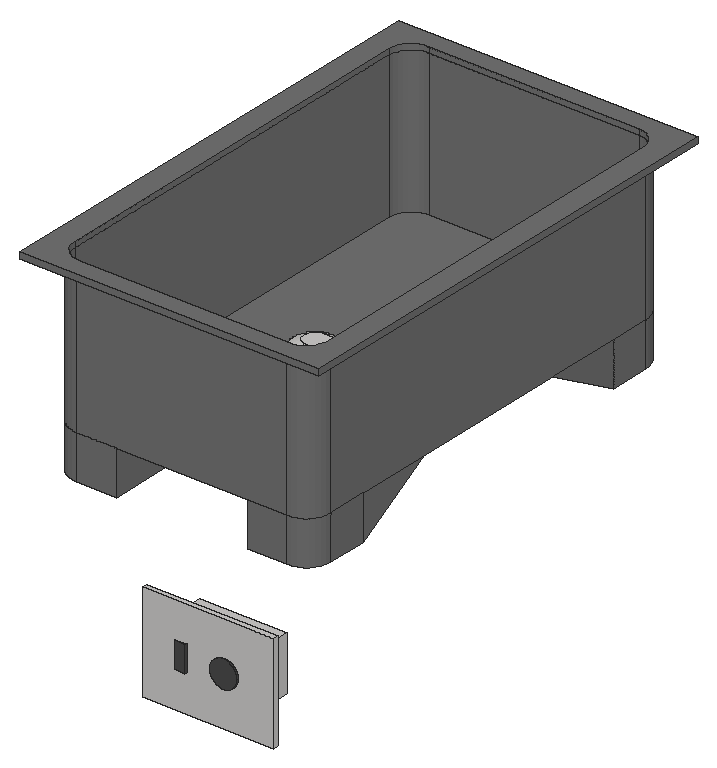
Revit family "QF_Vollrath_72107", category Specialty Equipment, Revit 2016
Family settings
  Part Type = Normal
  Round Connector Dimension = Use Diameter
  OmniClass Number = 23.40.40.14.14
  OmniClass Title = Food Preparation Equipment
  Work Plane-Based = No
  Always vertical = Yes
  Cut with Voids When Loaded = No
  Shared = No
  Room Calculation Point = No
Parameters
  Weight in Pounds = 23.5
  Watts = 700 W
  Watermarked By = "http://revitwatermark.com"
  Waste Water Discharge Temperature [instance] = -459.67 °F
  Volts = 120 V
  URL Cutsheet = ""
  URL = "www.vollrathco.com"
  Status [instance] = ""
  Specification by User [instance] = ""
  Specification by Manufacturer [instance] = ""
  Serial Number [instance] = ""
  Seismic Rating [instance] = ""
  SMACNA No [instance] = ""
  Revision Code [instance] = ""
  Remote Control Width [instance] = 1' - 0"
  Remote Control Height AFF [instance] = 2' - 6"
  Remote Control Depth [instance] = 0' - 8"
  Plumbing Remarks [instance] = ""
  Plumbing Connection Type [instance] = ""
  Phase = 1
  Number of Poles = 1
  NAFEM Spec ID Number [instance] = ""
  Model = "72107"
  Masterspec [instance] = ""
  Manufacturer = "Vollrath"
  Item Number [instance] = "-"
  Installed By [instance] = ""
  Indirect Waste Size = 1/2"
  Indirect Waste Flow [instance] = 0.00 GPM
  Indirect Waste Connection Type [instance] = ""
  Indirect Waste Connection Height [instance] = Height AFF - 0' 11"  # 2' - 0 3/4"
  Height AFF [instance] = 2' - 11 3/4"
  Furnished By [instance] = ""
  Foodservice Equipment Identifier [instance] = yes
  FL Amps = 5.8 A
  Electrical Remarks [instance] = ""
  Electric Connection Type [instance] = ""
  Elec Conn RI Height [instance] = 0' - 0"
  Elec Conn Connection Height [instance] = Height AFF - 0' 8"  # 2' - 3 3/4"
  Description = "Drop-In Warmer"
  Cycle = 60 Hz
  Conn Conduit = yes
  CSI MasterFormat = "11 42 00"
  Assembly Code = "E1090320"
  Apparent Power = Volts * FL Amps  # 696 VA
Reference planes (in)
  plane 1 "BACK": y = 0
  plane 2: z = 0
  plane 3 "LEFT": x = -6
  plane 4 "RIGHT": x = 7.655
  plane 5: y = -21.655
  plane 6: x = -4.979
  plane 7: x = 6.634
  plane 8: y = -0.8355
  plane 9 "Front of Bottom": y = -20.8195
  plane 10 "Table Top": z = 35.75
  plane 11 "TOP": z = 36
  plane 12 "BOTTOM": z = 26.985
  plane 13 "Bottom of Well": z = 29
  plane 14: x = -2.1725
  plane 15: x = 3.8275
  plane 16: y = -3.648
  plane 17: y = -18.007
  plane 18 "Drain": z = 25
  plane 19: x = 6
  plane 20: x = 12
  plane 21: y = -27.655
  plane 22 "RC Front": y = -29.655
  plane 23: y = -29.405
  plane 24: x = 11
  plane 25: x = 7
  plane 26: z = 30
  plane 27: z = 25.5
  plane 28: z = 26.5
  plane 29: z = 29
Forms (in)
  Extrusion 1, solid, material "QF_Finishes_Dark Grey"
    sketch origin (0, 0, 35.75) x (0, 1, 0) y (-1, 0, 0)
      loop
        line (0, 6) -> (-21.655, 6) -> (-21.655, -7.655) -> (0, -7.655) -> (0, 6)
      loop
        arc (-0.8355, 3.979) -> (-1.12839, 4.68611) -> (-1.8355, 4.979) r 1
        line (-1.8355, 4.979) -> (-19.8195, 4.979)
        arc (-19.8195, 4.979) -> (-20.52661, 4.68611) -> (-20.8195, 3.979) r 1
        line (-20.8195, 3.979) -> (-20.8195, -5.634)
        arc (-20.8195, -5.634) -> (-20.52661, -6.34111) -> (-19.8195, -6.634) r 1
        line (-19.8195, -6.634) -> (-1.8355, -6.634)
        arc (-1.8355, -6.634) -> (-1.12839, -6.34111) -> (-0.8355, -5.634) r 1
        line (-0.8355, -5.634) -> (-0.8355, 3.979)
    from 0 to 0.25
  Extrusion 2, solid, material "QF_Finishes_Dark Grey"
    sketch origin (0, 0, 35.75) x (0, 1, 0) y (-1, 0, 0)
      loop
        arc (-0.8355, 3.979) -> (-1.12839, 4.68611) -> (-1.8355, 4.979) r 1
        line (-1.8355, 4.979) -> (-19.8195, 4.979)
        arc (-19.8195, 4.979) -> (-20.52661, 4.68611) -> (-20.8195, 3.979) r 1
        line (-20.8195, 3.979) -> (-20.8195, -5.634)
        arc (-20.8195, -5.634) -> (-20.52661, -6.34111) -> (-19.8195, -6.634) r 1
        line (-19.8195, -6.634) -> (-1.8355, -6.634)
        arc (-1.8355, -6.634) -> (-1.12839, -6.34111) -> (-0.8355, -5.634) r 1
        line (-0.8355, -5.634) -> (-0.8355, 3.979)
      loop
        arc (-0.7105, 3.979) -> (-1.04, 4.7745) -> (-1.8355, 5.104) r 1.125
        line (-1.8355, 5.104) -> (-19.8195, 5.104)
        arc (-19.8195, 5.104) -> (-20.615, 4.7745) -> (-20.9445, 3.979) r 1.125
        line (-20.9445, 3.979) -> (-20.9445, -5.634)
        arc (-20.9445, -5.634) -> (-20.615, -6.4295) -> (-19.8195, -6.759) r 1.125
        line (-19.8195, -6.759) -> (-1.8355, -6.759)
        arc (-1.8355, -6.759) -> (-1.04, -6.4295) -> (-0.7105, -5.634) r 1.125
        line (-0.7105, -5.634) -> (-0.7105, 3.979)
    from 0 to -6.75
  Extrusion 3, solid, material "QF_Finishes_Dark Grey"
    sketch origin (0, 0, 29) x (0, 1, 0) y (-1, 0, 0)
      loop
        arc (-0.8355, 3.979) -> (-1.12839, 4.68611) -> (-1.8355, 4.979) r 1
        line (-1.8355, 4.979) -> (-19.8195, 4.979)
        arc (-19.8195, 4.979) -> (-20.52661, 4.68611) -> (-20.8195, 3.979) r 1
        line (-20.8195, 3.979) -> (-20.8195, -5.634)
        arc (-20.8195, -5.634) -> (-20.52661, -6.34111) -> (-19.8195, -6.634) r 1
        line (-19.8195, -6.634) -> (-1.8355, -6.634)
        arc (-1.8355, -6.634) -> (-1.12839, -6.34111) -> (-0.8355, -5.634) r 1
        line (-0.8355, -5.634) -> (-0.8355, 3.979)
      loop
        circle (-3, -0.8275) r 0.25
    from 0 to 0.125
  Extrusion 4, solid, material "QF_Finishes_Dark Grey"
    sketch origin (0, 0, 29) x (0, 1, 0) y (-1, 0, 0)
      loop
        line (-3.648, 2.1725) -> (-0.7105, 2.1725) -> (-0.7105, 3.979)
        arc (-0.7105, 3.979) -> (-1.04, 4.7745) -> (-1.8355, 5.104) r 1.125
        line (-1.8355, 5.104) -> (-3.648, 5.104) -> (-3.648, 2.1725)
      loop
        line (-3.648, -3.8275) -> (-3.648, -6.759) -> (-1.8355, -6.759)
        arc (-1.8355, -6.759) -> (-1.04, -6.4295) -> (-0.7105, -5.634) r 1.125
        line (-0.7105, -5.634) -> (-0.7105, -3.8275) -> (-3.648, -3.8275)
      loop
        line (-18.007, 2.1725) -> (-18.007, 5.104) -> (-19.8195, 5.104)
        arc (-19.8195, 5.104) -> (-20.615, 4.7745) -> (-20.9445, 3.979) r 1.125
        line (-20.9445, 3.979) -> (-20.9445, 2.1725) -> (-18.007, 2.1725)
      loop
        line (-18.007, -3.8275) -> (-20.9445, -3.8275) -> (-20.9445, -5.634)
        arc (-20.9445, -5.634) -> (-20.615, -6.4295) -> (-19.8195, -6.759) r 1.125
        line (-19.8195, -6.759) -> (-18.007, -6.759) -> (-18.007, -3.8275)
    from 0 to -2.015
  Extrusion 5, solid, material "QF_Finishes_Dark Grey"
    sketch origin (-6, 0, 0) x (0, 1, 0) y (0, 0, 1)
      loop
        line (-3.648, 29) -> (-7.13808, 29) -> (-3.648, 26.985) -> (-3.648, 29)
    from 0.896 to 3.8275
  Extrusion 6, solid, material "QF_Finishes_Dark Grey"
    sketch origin (7.655, 0, 0) x (0, 1, 0) y (0, 0, -1)
      loop
        line (-3.648, -29) -> (-3.648, -26.985) -> (-7.13808, -29) -> (-3.648, -29)
    from 0.896 to 3.8275
  Extrusion 7, solid, material "QF_Finishes_Dark Grey"
    sketch origin (-6, -21.655, 0) x (0, -1, 0) y (0, 0, -1)
      loop
        line (-3.648, -29) -> (-3.648, -26.985) -> (-7.13808, -29) -> (-3.648, -29)
    from 0.896 to 3.8275
  Extrusion 8, solid, material "QF_Finishes_Dark Grey"
    sketch origin (7.655, -21.655, 0) x (0, -1, 0) y (0, 0, 1)
      loop
        line (-3.648, 29) -> (-7.13808, 29) -> (-3.648, 26.985) -> (-3.648, 29)
    from 0.896 to 3.8275
  Blend 9, solid, material "QF_Finishes_Stainless Steel"
    base sketch origin (0, 0, 29) x (0, 1, 0) y (-1, 0, 0)
      loop
        arc (-9.8275, 1.1725) -> (-10.8275, 2.1725) -> (-11.8275, 1.1725) r 1
        line (-11.8275, 1.1725) -> (-11.8275, -2.8275)
        arc (-11.8275, -2.8275) -> (-10.8275, -3.8275) -> (-9.8275, -2.8275) r 1
        line (-9.8275, -2.8275) -> (-9.8275, 1.1725)
    top sketch origin (0, 0, 29) x (0, 1, 0) y (-1, 0, 0)
      loop
        arc (-10.3275, 1.1725) -> (-10.8275, 1.6725) -> (-11.3275, 1.1725) r 0.5
        line (-11.3275, 1.1725) -> (-11.3275, -2.8275)
        arc (-11.3275, -2.8275) -> (-10.8275, -3.3275) -> (-10.3275, -2.8275) r 0.5
        line (-10.3275, -2.8275) -> (-10.3275, 1.1725)
    from 0.125 to 0.375
  Extrusion 10, solid, material "QF_Finishes_Dark Grey"
    sketch origin (0, 0, 29) x (0, 1, 0) y (-1, 0, 0)
      loop
        circle (-3, -0.8275) r 0.25
      loop
        circle (-3, -0.8275) r 0.375
    from 0 to -4
  Extrusion 11, solid, material "QF_Finishes_Stainless Steel"
    sketch origin (0, -29.655, 0) x (1, 0, 0) y (0, 0, 1)
      loop
        line (6, 30) -> (6, 25.5) -> (12, 25.5) -> (12, 30) -> (6, 30)
    from 0 to -0.25
  Extrusion 12, solid, material "QF_Finishes_Stainless Steel"
    sketch origin (0, -29.655, 0) x (1, 0, 0) y (0, 0, 1)
      loop
        line (7, 29) -> (7, 26.5) -> (11, 26.5) -> (11, 29) -> (7, 29)
    from -0.25 to -2
  Extrusion 13, solid, material "QF_Finishes_Black"
    sketch origin (0, -29.655, 0) x (1, 0, 0) y (0, 0, 1)
      loop
        line (7.5, 27.1875) -> (8, 27.1875) -> (8, 28.375) -> (7.5, 28.375) -> (7.5, 27.1875)
      loop
        circle (9.75, 27.78125) r 0.625
    from 0 to 0.0625
Lines and regions (in)
  symbolic lines
    curve 1: line (-6, 0, 29) -> (7.655, 0, 29)
    curve 2: line (-6, -21.655, 29) -> (-6, 0, 29)
    curve 3: line (7.655, -21.655, 29) -> (-6, -21.655, 29)
    curve 4: line (7.655, 0, 29) -> (7.655, -21.655, 29)
    curve 5: line (-3.979, -0.8355, 29) -> (5.634, -0.8355, 29)
    curve 6: line (-4.979, -19.8195, 29) -> (-4.979, -1.8355, 29)
    curve 7: line (5.634, -20.8195, 29) -> (-3.979, -20.8195, 29)
    curve 8: line (6.634, -1.8355, 29) -> (6.634, -19.8195, 29)
    curve 9: arc (-3.979, -0.8355, 29) -> (-4.68611, -1.12839, 29) -> (-4.979, -1.8355, 29) r 1
    curve 10: arc (5.634, -0.8355, 29) -> (6.34111, -1.12839, 29) -> (6.634, -1.8355, 29) r 1
    curve 11: arc (6.634, -19.8195, 29) -> (6.34111, -20.52661, 29) -> (5.634, -20.8195, 29) r 1
    curve 12: arc (-3.979, -20.8195, 29) -> (-4.68611, -20.52661, 29) -> (-4.979, -19.8195, 29) r 1
    curve 13: line (2.8275, -11.8275, 29) -> (-1.1725, -11.8275, 29)
    curve 14: arc (-1.1725, -11.8275, 29) -> (-2.1725, -10.8275, 29) -> (-1.1725, -9.8275, 29) r 1
    curve 15: line (-1.1725, -9.8275, 29) -> (2.8275, -9.8275, 29)
    curve 16: line (2.8275, -10.3275, 29) -> (-1.1725, -10.3275, 29)
    curve 17: arc (-1.1725, -10.3275, 29) -> (-1.6725, -10.8275, 29) -> (-1.1725, -11.3275, 29) r 0.5
    curve 18: line (-1.1725, -11.3275, 29) -> (2.8275, -11.3275, 29)
    curve 19: arc (2.8275, -11.3275, 29) -> (3.3275, -10.8275, 29) -> (2.8275, -10.3275, 29) r 0.5
    curve 20: arc (2.8275, -9.8275, 29) -> (3.8275, -10.8275, 29) -> (2.8275, -11.8275, 29) r 1
    curve 21: arc (0.8275, -2.75, 29) -> (1.0775, -3, 29) -> (0.8275, -3.25, 29) r 0.25
    curve 22: arc (0.8275, -3.25, 29) -> (0.5775, -3, 29) -> (0.8275, -2.75, 29) r 0.25
  symbolic lines, style "SpecialityEquipmentHiddenLines"
    curve 23: line (6, -29.405, 29) -> (12, -29.405, 29)
    curve 24: line (6, -29.655, 29) -> (6, -29.405, 29)
    curve 25: line (12, -29.655, 29) -> (6, -29.655, 29)
    curve 26: line (12, -29.405, 29) -> (12, -29.655, 29)
    curve 27: line (7, -27.655, 29) -> (11, -27.655, 29)
    curve 28: line (7, -29.405, 29) -> (7, -27.655, 29)
    curve 29: line (11, -27.655, 29) -> (11, -29.405, 29)
    curve 30: line (8, -29.655, 29) -> (10.5, -29.655, 29)
Dimensions and locks (in)
  locked: plane 3 "LEFT" to plane 4 "RIGHT" at 13.655
  locked: plane 5 to plane 1 "BACK" at 21.655
  locked: plane 3 "LEFT" to plane 6 at 1.021
  locked: plane 7 to plane 4 "RIGHT" at 1.021
  locked: plane 8 to plane 1 "BACK" at 0.8355
  locked: plane 5 to plane 9 "Front of Bottom" at 0.8355
  "Height AFF": plane 10 "Table Top" to plane 2
  locked: plane 11 "TOP" to plane 10 "Table Top" at 0.25
  locked: plane 11 "TOP" to plane 12 "BOTTOM" at 9.015
  locked: plane 13 "Bottom of Well" to plane 12 "BOTTOM" at 2.015
  locked: plane 6 to plane 14 at 2.8065
  locked: plane 15 to plane 7 at 2.8065
  locked: plane 16 to plane 8 at 2.8125
  locked: plane 9 "Front of Bottom" to plane 17 at 2.8125
  locked: plane 13 "Bottom of Well" to plane 18 "Drain" at 4
  plane 22 "RC Front" to plane 21 = 0' - 2"
  locked: plane 22 "RC Front" to plane 23 at 0.25
  "Remote Control Depth": plane 22 "RC Front" to plane 5
  "Remote Control Width": plane 3 "LEFT" to plane 19
  locked: plane 19 to plane 25 at 1
  locked: plane 25 to plane 24 at 4
  locked: plane 24 to plane 20 at 1
  "Remote Control Height AFF": plane 26 to level
  locked: plane 26 to plane 29 at 1
  locked: plane 29 to plane 28 at 2.5
  locked: plane 28 to plane 27 at 1
  aligned and locked: level to plane 2
  aligned and locked: plane 1 "BACK" to Extrusion 1 sketch curve
  aligned and locked: plane 3 "LEFT" to Extrusion 1 sketch curve
  aligned and locked: Extrusion 1 sketch curve to plane 5
  aligned and locked: Extrusion 1 sketch curve to plane 4 "RIGHT"
  aligned and locked: plane 8 to Extrusion 1 sketch curve
  aligned and locked: plane 6 to Extrusion 1 sketch curve
  aligned and locked: Extrusion 1 sketch curve to plane 9 "Front of Bottom"
  aligned and locked: Extrusion 1 sketch curve to plane 7
  aligned and locked: plane 11 "TOP" to Extrusion 1
  aligned and locked: plane 8 to Extrusion 2 sketch curve
  aligned and locked: plane 6 to Extrusion 2 sketch curve
  aligned and locked: Extrusion 2 sketch curve to plane 9 "Front of Bottom"
  aligned and locked: Extrusion 2 sketch curve to plane 7
  aligned and locked: Extrusion 2 to plane 13 "Bottom of Well"
  aligned and locked: plane 8 to Extrusion 3 sketch curve
  aligned and locked: plane 6 to Extrusion 3 sketch curve
  aligned and locked: Extrusion 3 sketch curve to plane 9 "Front of Bottom"
  aligned and locked: Extrusion 3 sketch curve to plane 7
  aligned and locked: Extrusion 4 sketch curve to plane 16
  aligned and locked: plane 14 to Extrusion 4 sketch curve
  aligned and locked: plane 16 to Extrusion 4 sketch curve
  aligned and locked: plane 15 to Extrusion 4 sketch curve
  aligned and locked: Extrusion 4 sketch curve to plane 17
  aligned and locked: Extrusion 4 sketch curve to plane 14
  aligned and locked: plane 17 to Extrusion 4 sketch curve
  aligned and locked: Extrusion 4 sketch curve to plane 15
  aligned and locked: Extrusion 4 to plane 12 "BOTTOM"
  aligned and locked: Extrusion 10 sketch curve to Extrusion 3  (x2)
  aligned and locked: Extrusion 10 to plane 18 "Drain"
  aligned and locked: Extrusion 11 sketch curve to plane 26
  aligned and locked: plane 19 to Extrusion 11 sketch curve
  aligned and locked: plane 27 to Extrusion 11 sketch curve
  aligned and locked: Extrusion 11 sketch curve to plane 20
  aligned and locked: Extrusion 11 to plane 23
  aligned and locked: Extrusion 12 sketch curve to plane 29
  aligned and locked: plane 25 to Extrusion 12 sketch curve
  aligned and locked: plane 28 to Extrusion 12 sketch curve
  aligned and locked: Extrusion 12 sketch curve to plane 24
  aligned and locked: Extrusion 12 to plane 23
  aligned and locked: Extrusion 12 to plane 21
  aligned and locked: plane 23 to curve 23
  aligned and locked: curve 25 to plane 22 "RC Front"
  aligned and locked: plane 19 to curve 24
  aligned and locked: curve 26 to plane 20
  aligned and locked: curve 29 to plane 24
  aligned and locked: plane 21 to curve 27
  aligned and locked: plane 25 to curve 28
Automatic sketch dimensions
  Extrusion 1 sketch curve to Extrusion 1 sketch curve = 0' - 1"  (x2)
  plane 8 to Extrusion 1 sketch curve = 0' - 1"  (x2)
  Extrusion 2 sketch curve to Extrusion 2 sketch curve = 0' - 0"  (x8)
  plane 9 "Front of Bottom" to Extrusion 2 sketch curve = 0' - 0 1/8"
  Extrusion 2 sketch curve to plane 9 "Front of Bottom" = 0' - 1"  (x2)
  plane 8 to Extrusion 2 sketch curve = 0' - 1"  (x2)
  Extrusion 4 sketch curve to plane 6 = 0' - 0 1/8"
  Extrusion 4 sketch curve to plane 9 "Front of Bottom" = 0' - 1"  (x2)
  plane 7 to Extrusion 4 sketch curve = 0' - 0 1/8"  (x2)
  plane 9 "Front of Bottom" to Extrusion 4 sketch curve = 0' - 0 1/8"  (x2)
  plane 8 to Extrusion 4 sketch curve = 0' - 1"  (x2)
  Extrusion 4 sketch curve to plane 8 = 0' - 0 1/8"  (x2)
  plane 6 to Extrusion 4 sketch curve = 0' - 1"
  Extrusion 5 sketch curve to plane 13 "Bottom of Well" = 0' - 0"
  Extrusion 5 sketch curve to plane 12 "BOTTOM" = 0' - 0"
  Extrusion 5 sketch curve to plane 16 = 0' - 0"
  plane 16 to Extrusion 5 sketch curve = 0' - 3.49008"
  Extrusion 6 sketch curve to plane 13 "Bottom of Well" = 0' - 0"
  Extrusion 6 sketch curve to plane 12 "BOTTOM" = 0' - 0"
  Extrusion 6 sketch curve to plane 16 = 0' - 0"
  plane 16 to Extrusion 6 sketch curve = 0' - 3.49008"
  Extrusion 7 sketch curve to plane 13 "Bottom of Well" = 0' - 0"
  Extrusion 7 sketch curve to plane 12 "BOTTOM" = 0' - 0"
  Extrusion 7 sketch curve to plane 17 = 0' - 0"
  plane 17 to Extrusion 7 sketch curve = 0' - 3.49008"
  Extrusion 8 sketch curve to plane 13 "Bottom of Well" = 0' - 0"
  Extrusion 8 sketch curve to plane 12 "BOTTOM" = 0' - 0"
  Extrusion 8 sketch curve to plane 17 = 0' - 0"
  Extrusion 8 sketch curve to plane 17 = 0' - 3.49008"
  plane 15 to Blend 9 sketch curve = 0' - 1"  (x2)
  Blend 9 sketch curve to plane 14 = 0' - 1"  (x2)
  Blend 9 sketch curve to plane 17 = 0' - 6.1795"
  Blend 9 sketch curve to Blend 9 sketch curve = 0' - 1"
  Blend 9 sketch curve to plane 17 = 0' - 6.6795"
  Blend 9 sketch curve to Blend 9 sketch curve = 0' - 0 1/2"
  plane 8 to Extrusion 3 sketch curve = 0' - 2.1645"
  Extrusion 3 sketch curve to plane 7 = 0' - 1"  (x2)
  Extrusion 3 sketch curve to plane 9 "Front of Bottom" = 0' - 1"
  plane 8 to Extrusion 3 sketch curve = 0' - 1"
  Extrusion 3 sketch curve to plane 14 = 0' - 3"
  Extrusion 10 sketch curve to Extrusion 10 sketch curve = 0' - 0"  (x2)
  Extrusion 10 sketch curve to Extrusion 10 sketch curve = 0' - 0 1/8"
  plane 25 to Extrusion 13 sketch curve = 0' - 0 1/2"
  Extrusion 13 sketch curve to Extrusion 13 sketch curve = 0' - 0 1/2"
  Extrusion 13 sketch curve to Extrusion 13 sketch curve = 0' - 1 3/4"
  plane 28 to Extrusion 13 sketch curve = 0' - 0 11/16"
  Extrusion 13 sketch curve to Extrusion 13 sketch curve = 0' - 0 19/32"
  Extrusion 13 sketch curve to plane 29 = 0' - 0 5/8"
  curve 14 to curve 17 = 0' - 0"  (x2)
  curve 19 to curve 20 = 0' - 0"  (x2)
  curve 21 to curve 22 = 0' - 0"  (x2)
  plane 22 "RC Front" to curve 30 = 0' - 0"
  curve 2 to plane 3 "LEFT" = 0' - 0"
  plane 5 to curve 2 = 0' - 0"
  plane 9 "Front of Bottom" to curve 7 = 0' - 0"
  curve 12 to plane 6 = 0' - 0"
  curve 8 to plane 7 = 0' - 0"
  plane 8 to curve 10 = 0' - 0"
  plane 1 "BACK" to curve 2 = 0' - 0"
  curve 1 to plane 4 "RIGHT" = 0' - 0"
  curve 7 to curve 12 = 0' - 1"
  curve 11 to plane 19 = 0' - 0.366"
  curve 14 to plane 14 = 0' - 1"
  curve 14 to plane 17 = 0' - 6.1795"
  curve 20 to curve 18 = 0' - 0 1/2"
  curve 19 to curve 19 = 0' - 0 1/2"
  curve 22 to plane 16 = 0' - 0.398"
  curve 21 to curve 21 = 0' - 0 1/4"
  plane 8 to curve 10 = 0' - 1"
  plane 8 to curve 6 = 0' - 1"
  curve 30 to plane 24 = 0' - 0 1/2"
  plane 4 "RIGHT" to curve 30 = 0' - 0.345"
  plane 15 to curve 13 = 0' - 1"
  curve 22 to plane 14 = 0' - 3"
  radius of Extrusion 3 sketch curve = 0' - 0 1/4"
  radius of Extrusion 13 sketch curve = 0' - 0 5/8"
Connectors (in)
  piping at (0.8275, -3, 25), diameter 0.5, driven by "Indirect Waste Flow"
    settings: on Extrusion 10, index 2, connector inside diameter 1/2", connector length 0' - 0", flow factor 0, pipe flow 0.00 GPM, pressure drop 0.00 psi, fitting loss kfactor 0, connector angle 0.00°, fixture units 0, engagement length 0' - 0", angle of deflection 0.00°, flow configuration 1, flow direction 2, fitting loss method 0, system type 16, joint type 0, gender type 0, connector reference index -1, connector utility 0, adjustable connector no, is connector primary yes, connector description "Indirect Waste"
  electrical at (9, -27.655, 27.75), driven by "Number of Poles", driven by "Volts", driven by "Apparent Power"
    settings: on Extrusion 12, index 3, voltage 120 V, apparent load 696 VA, apparent load phase1 0 VA, apparent load phase2 0 VA, apparent load phase3 0 VA, power factor 1, load classification "Other", number of poles 1, system type 30, power factor state 1, is connector primary yes, connector utility no, sub classification motor no, connector description "Electric"
